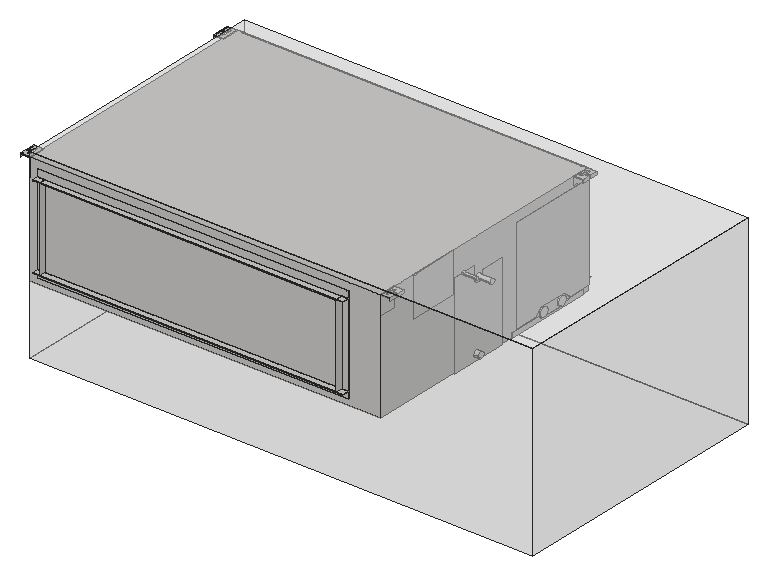
Revit family "outputfile", category 機械設備, Revit 2024
Family settings
  丸型コネクタ寸法 = 半径を使用
  パーツ タイプ = 標準
  OmniClass 番号 = 23.75.10.24.21.27.27
  OmniClass タイトル = Split System Air Conditioning Units
  作業面ベース = いいえ
  常に垂直 = はい
  ロード時にボイドで切り取り = いいえ
  注釈の向きを維持 = いいえ
  共有 = いいえ
  部屋計算ポイント = はい
Parameters (values of type "FXMQ200PVM")
  Description = ""
  製造元 = "Daikin"
  書き出し IFC クラス(タイプ) = "IfcUnitaryEquipmentType"
  定義済み IFC タイプ(タイプ) = "AIRCONDITIONINGUNIT"
  Cost = 0
  モデル = "FXMQ200PVM"
  Type Comments = ""
  Keynote = ""
  Type Image = (empty or 0)
  Assembly Code = ""
  r_Liquid Pipe Size = Liquid Pipe Size / 2  # 4.75 mm
  r_Gas Pipe Size = Gas Pipe Size / 2  # 9.55 mm
  r_Drain Pipe Size = Drain Pipe Size / 2  # 12.5 mm
  lw_power = 10.0 mm  # constant formula
  lh_power = 30.0 mm  # constant formula
  lh_mountinghole1 = lh_mountinghole + [h***]  # 470.0 mm
  ld_power = 145.0 mm  # constant formula
  Voltage_comment_60Hz = "220-230"
  Voltage_comment_50Hz = "220-240"
  Voltage_60Hz = 220 V
  Voltage_50Hz = 230 V
  URL = ""
  Supply Air Direction [instance] = yes
  Sound Power Level_H speed (dB) = 0
  Phase_60Hz = 1
  Phase_50Hz = 1
  Minimum External Static Pressure = 50.00 Pa
  Minimum Circuit Amps_60Hz = 4.9 A
  Minimum Circuit Amps_50Hz = 4.9 A
  Maximum Fuse Amps_60Hz = 15.0 A
  Maximum Fuse Amps_50Hz = 15.0 A
  Maximum External Static Pressure = 250.00 Pa
  Material_Casing = DAIKIN_GalvanizedSteel_Casing_indoorunit
  lw_mountinghole = 1526.0 mm  # constant formula
  lh_gaspipe = 317.0 mm  # constant formula
  lh_mountinghole = 470.0 mm  # constant formula
  lh_liquidpipe = 364.0 mm  # constant formula
  lh_drainpipe = 30.0 mm  # constant formula
  lh_antena = Height - lh_mountinghole + 1.0 mm  # 1.0 mm
  ld_drainpipe = 600.0 mm  # constant formula
  ld_liquidpipe = 666.0 mm  # constant formula
  ld_gaspipe = 585.0 mm  # constant formula
  ld_mountinghole = 1028.0 mm  # constant formula
  h*** = 0.0 mm  # constant formula
  lw_liquidpipe = 65.0 mm  # constant formula
  lw_gaspipe = 65.0 mm  # constant formula
  lw_drainpipe = 29.0 mm  # constant formula
  Width = 1490.0 mm
  Version = "ver.1.0"
  Unit Type = "High Static Pressure Duct Type"
  Unit Mass Weight = 95.00 kg
  Unit Designation [instance] = ""
  Uniclass2015Version = "Products v1.30"
  Uniclass2015Title = "Variable refrigerant flow units"
  Uniclass2015Code = "Pr_70_65_03_94"
  Total Heating Capacity [instance] = 0.000 kW
  Total Cooling Capacity [instance] = 0.000 kW
  Sound Pressure Level_M speed (dBA) = 38
  Sound Pressure Level_L speed (dBA) = 35
  Sound Pressure Level_H speed (dBA) = 42
  Series = "VRV Fan Coil Unit"
  Sensible Cooling Capacity [instance] = 0.000 kW
  SA Duct Size Width = 1260.0 mm
  SA Duct Size Height = 352.0 mm
  Refrigerant Type = "R410A"
  RA Duct Size Width = 1390.0 mm  # constant formula
  RA Duct Size Height = 410.0 mm  # constant formula
  Power Input (Heating) = 0.540 kW
  Power Input (Cooling) = 0.550 kW
  Option Accessory 3 [instance] = ""
  Option Accessory 2 [instance] = ""
  Option Accessory 1 [instance] = ""
  Nominal Heating Capacity = 25.000 kW
  Nominal Cooling Capacity = 22.400 kW
  Minimum Airflow = 3000.00 m³/h
  Median Airflow = 3660.00 m³/h
  Maximum Airflow = 4440.00 m³/h
  Load Classification = HVAC
  Liquid Pipe Size = 9.5 mm
  Link_Nested Family [instance] = ""
  IfcVersion = "0"
  IfcExportType = "AIRCONDITIONINGUNIT"
  IfcExportAs = "IfcUnitaryEquipmentType"
  Height = 470.0 mm
  Heating Entering Wet Bulb Temperature [instance] = 0.00 °C
  Heating Entering Dry Bulb Temperature [instance] = 0.00 °C
  Heating Ambient Wet Bulb Temperature [instance] = 0.00 °C
  Heating Ambient Dry Bulb Temperature [instance] = 0.00 °C
  Heat Exchanger Type = "Cross Fin Coil"
  Gas Pipe Size = 19.1 mm
  Frequency_60Hz = 60 Hz
  Frequency_50Hz = 50 Hz
  Fan Type = "Sirocco Fan"
  Fan Drive = "Direct Drive"
  FCU Tag No. [instance] = ""
  Drain Pipe Size = 25.0 mm
  Design Supply Airflow [instance] = 0.00 m³/h
  Design Return Airflow [instance] = 0.00 m³/h
  Design External Static Pressure [instance] = 0.00 Pa
  Depth = 1100.0 mm
  既定の高さ = 0.0 mm
  Cooling Entering Wet Bulb Temperature [instance] = 0.00 °C
  Cooling Entering Dry Bulb Temperature [instance] = 0.00 °C
  Cooling Ambient Wet Bulb Temperature [instance] = 0.00 °C
  Cooling Ambient Dry Bulb Temperature [instance] = 0.00 °C
  Clearance visibility [instance] = yes
  Clearance Top = 20.0 mm
  Clearance Right = 650.0 mm
  Clearance Rear = 43.0 mm
  Clearance Left = 0.0 mm
  Clearance Front = 0.0 mm
  Clearance Bottom = 300.0 mm
Reference planes
  plane 1 "Center (Front/Back)": y = 0
  plane 2 "h": z = 0
  plane 3 "Center (Left/Right)": x = 0
  plane 4 "Back": y = 550
  plane 5 "Front": y = -550
  plane 6 "Left": x = -745
  plane 7 "Reight": x = 745
  plane 8 "Top": z = 0
  plane 9 "Bottom": z = -470
  plane 10 "lh_mountinghole": z = 0
  plane 11 "ld_mountinghole1": y = 514
  plane 12: y = 593
  plane 13: y = -550
  plane 14: x = -745
  plane 15: x = 1395
  plane 16: z = 20
  plane 17: z = -770
  plane 18 "ld_gaspipe": y = -35
  plane 19 "ld_liquidpipe": y = -116
  plane 20 "lw_liquidpipe": x = 810
  plane 21 "lw_gaspipe": x = 810
  plane 22 "lh_gaspipe": z = -153
  plane 23 "lh_liquidpipe": z = -106
  plane 24 "ld_drainpipe": y = -50
  plane 25 "lw_power": x = 755
  plane 26 "lh_drainpipe": z = -440
  plane 27 "ld_mountinghole2": y = -514
  plane 28: x = -763
  plane 29: y = -583.5
  plane 30 "lh_power": z = -440
  plane 31 "ld_power": y = 405
  plane 32 "lw_drainpipe": x = 774
  plane 33: z = -470
  plane 34: z = -40
  plane 35: z = -140
  plane 36: x = 763
  plane 37 "ld_SA": x = -50
  plane 38 "lh_SA": z = -239.5
  plane 39 "lh_RA": z = -235
Forms (mm)
  Extrusion 1, solid, material "DAIKIN_GalvanizedSteel_Casing_indoorunit" <- "Material_Casing"
    sketch origin (0, 0, 0) x (1, 0, 0) y (0, 1, 0)
      loop
        line (-745, 550) -> (-745, -550) -> (745, -550) -> (745, 550) -> (-745, 550)
    from -470 to 0
  Extrusion 2, solid
    sketch origin (0, 0, 0) x (0, 1, 0) y (0, 0, 1)
      loop
        circle (405, -440) r 18
      loop
        circle (308, -440) r 18
    from 745 to 755
  Extrusion 3, solid
    sketch origin (0, 0, 0) x (0, 1, 0) y (0, 0, 1)
      loop
        circle (-116, -106) r 4.75
    from 745 to 810
  Extrusion 4, solid
    sketch origin (0, 0, 0) x (0, 1, 0) y (0, 0, 1)
      loop
        circle (-35, -153) r 9.55
    from 745 to 810
  Extrusion 5, solid
    sketch origin (0, 0, 0) x (0, 1, 0) y (0, 0, 1)
      loop
        circle (-50, -440) r 12.5
    from 745 to 774
  Extrusion 6, solid, material "DAIKIN_GalvanizedSteel_Casing_indoorunit" <- "Material_Casing"
    sketch origin (0, 0, 0) x (0, 1, 0) y (0, 0, 1)
      loop
        line (-160, -470) -> (90, -470) -> (90, -140) -> (-12, -140) -> (-12, -156)
        arc (-12, -156) -> (-35, -179) -> (-58, -156) r 23
        line (-58, -156) -> (-58, -106) -> (-109, -106)
        arc (-109, -106) -> (-116, -113) -> (-123, -106) r 7
        line (-123, -106) -> (-160, -106) -> (-160, -470)
      loop
        line (550, -40) -> (170, -40) -> (170, -445) -> (270.5, -445) -> (298.5, -417) -> (421.5, -417) -> (449.5, -445) -> (550, -445) -> (550, -40)
      loop
        line (145, -470) -> (520, -470) -> (520, -450) -> (427.5, -450) -> (414.473, -463.027) -> (298.527, -463.027) -> (285.5, -450) -> (145, -450) -> (145, -470)
      loop
        line (-380, 0) -> (-380, -165) -> (-170, -165) -> (-170, 0) -> (-380, 0)
    from 745 to 750
Dimensions and locks
  "Height": plane 8 "Top" to plane 9 "Bottom"
  equal spacing: plane 4 "Back", plane 1 "Center (Front/Back)", plane 5 "Front"
  "Depth": plane 4 "Back" to plane 5 "Front"
  equal spacing: plane 6 "Left", plane 3 "Center (Left/Right)", plane 7 "Reight"
  "Width": plane 6 "Left" to plane 7 "Reight"
  "Clearance Left": plane 14 to plane 6 "Left"
  "Clearance Right": plane 7 "Reight" to plane 15
  "Clearance Rear": plane 12 to plane 4 "Back"
  "Clearance Front": plane 5 "Front" to plane 13
  "Clearance Top": plane 16 to plane 8 "Top"
  "Clearance Bottom": plane 9 "Bottom" to plane 17
  "lh_mountinghole": plane 10 "lh_mountinghole" to plane 9 "Bottom"
  "lh_gaspipe": plane 22 "lh_gaspipe" to plane 9 "Bottom"
  "lh_liquidpipe": plane 23 "lh_liquidpipe" to plane 9 "Bottom"
  "lh_drainpipe": plane 26 "lh_drainpipe" to plane 9 "Bottom"
  equal spacing: plane 27 "ld_mountinghole2", plane 1 "Center (Front/Back)", plane 11 "ld_mountinghole1"
  "ld_mountinghole": plane 27 "ld_mountinghole2" to plane 11 "ld_mountinghole1"
  "lh_power": plane 30 "lh_power" to plane 9 "Bottom"
  "ld_drainpipe": plane 4 "Back" to plane 24 "ld_drainpipe"
  "ld_liquidpipe": plane 4 "Back" to plane 19 "ld_liquidpipe"
  "ld_gaspipe": plane 4 "Back" to plane 18 "ld_gaspipe"
  "ld_power": plane 4 "Back" to plane 31 "ld_power"
  "lw_liquidpipe": plane 7 "Reight" to plane 20 "lw_liquidpipe"
  "lw_gaspipe": plane 7 "Reight" to plane 21 "lw_gaspipe"
  "lw_power": plane 7 "Reight" to plane 25 "lw_power"
  "lw_drainpipe": plane 7 "Reight" to plane 32 "lw_drainpipe"
  locked: plane 9 "Bottom" to plane 33
  plane 34 to plane 33 = 430.0 mm
  locked: plane 35 to plane 33 at 330
  equal spacing: plane 28, plane 3 "Center (Left/Right)", plane 36
  "lw_mountinghole": plane 28 to plane 36
  locked: plane 37 "ld_SA" to plane 6 "Left" at 695
  locked: plane 8 "Top" to plane 38 "lh_SA" at 239.5
  locked: plane 8 "Top" to plane 39 "lh_RA" at 235
  radius of Extrusion 2 sketch curve = 18.0 mm
  "r_Liquid Pipe Size": radius of Extrusion 3 sketch curve
  "r_Gas Pipe Size": radius of Extrusion 4 sketch curve
  "r_Drain Pipe Size": radius of Extrusion 5 sketch curve
  aligned and locked: level to plane 2 "h"
  aligned and locked: plane 8 "Top" to Extrusion 1
  aligned and locked: Extrusion 1 to plane 9 "Bottom"
  aligned and locked: plane 3 "Center (Left/Right)" to nested 1
  aligned and locked: plane 1 "Center (Front/Back)" to nested 1
  aligned and locked: plane 11 "ld_mountinghole1" to nested 4
  aligned and locked: plane 28 to nested 4
  aligned and locked: nested 3 to plane 27 "ld_mountinghole2"
  aligned and locked: plane 28 to nested 3
  aligned and locked: nested 2 to plane 27 "ld_mountinghole2"
  aligned and locked: plane 11 "ld_mountinghole1" to nested 5
  aligned and locked: Extrusion 1 to plane 6 "Left"
  aligned and locked: Extrusion 2 to plane 7 "Reight"
  aligned and locked: plane 23 "lh_liquidpipe" to Extrusion 3 sketch curve
  aligned and locked: plane 19 "ld_liquidpipe" to Extrusion 3 sketch curve
  aligned and locked: Extrusion 3 to plane 7 "Reight"
  aligned and locked: plane 20 "lw_liquidpipe" to Extrusion 3
  aligned and locked: plane 22 "lh_gaspipe" to Extrusion 4 sketch curve
  aligned and locked: plane 18 "ld_gaspipe" to Extrusion 4 sketch curve
  aligned and locked: Extrusion 4 to plane 7 "Reight"
  aligned and locked: plane 21 "lw_gaspipe" to Extrusion 4
  aligned and locked: plane 25 "lw_power" to Extrusion 2
  aligned and locked: plane 30 "lh_power" to Extrusion 2 sketch curve
  aligned and locked: plane 31 "ld_power" to Extrusion 2 sketch curve
  aligned and locked: plane 26 "lh_drainpipe" to Extrusion 5 sketch curve
  aligned and locked: Extrusion 5 sketch curve to plane 24 "ld_drainpipe"
  aligned and locked: Extrusion 5 to plane 7 "Reight"
  aligned and locked: plane 32 "lw_drainpipe" to Extrusion 5
  aligned and locked: Extrusion 6 sketch curve to plane 9 "Bottom"
  aligned and locked: Extrusion 6 to plane 7 "Reight"
  aligned and locked: Extrusion 6 sketch curve to plane 33
  aligned and locked: plane 34 to Extrusion 6 sketch curve
  aligned and locked: Extrusion 6 sketch curve to plane 23 "lh_liquidpipe"  (x2)
  aligned and locked: plane 35 to Extrusion 6 sketch curve
  aligned and locked: plane 7 "Reight" to nested 6
  aligned and locked: plane 30 "lh_power" to nested 6
  aligned and locked: nested 6 to plane 24 "ld_drainpipe"
  aligned and locked: plane 7 "Reight" to nested 7
  aligned and locked: plane 18 "ld_gaspipe" to nested 7
  aligned and locked: plane 22 "lh_gaspipe" to nested 7
  aligned and locked: plane 7 "Reight" to nested 8
  aligned and locked: plane 19 "ld_liquidpipe" to nested 8
  aligned and locked: plane 23 "lh_liquidpipe" to nested 8
  aligned and locked: nested 5 to plane 36
  aligned and locked: nested 2 to plane 36
  aligned and locked: plane 7 "Reight" to nested 9
  aligned and locked: plane 31 "ld_power" to nested 9
  aligned and locked: plane 30 "lh_power" to nested 9
  aligned and locked: plane 12 to nested 10
  aligned and locked: plane 14 to nested 10
  aligned and locked: nested 10 to plane 13
  aligned and locked: plane 15 to nested 10
  aligned and locked: plane 16 to nested 10
  aligned and locked: plane 17 to nested 10
  aligned and locked: nested 11 to plane 27 "ld_mountinghole2"
  aligned and locked: plane 7 "Reight" to nested 11
  aligned and locked: plane 10 "lh_mountinghole" to nested 11
  aligned and locked: plane 27 "ld_mountinghole2" to nested 12
  aligned and locked: nested 12 to plane 6 "Left"
  aligned and locked: nested 12 to plane 10 "lh_mountinghole"
  aligned and locked: plane 11 "ld_mountinghole1" to nested 13
  aligned and locked: nested 13 to plane 7 "Reight"
  aligned and locked: plane 10 "lh_mountinghole" to nested 13
  aligned and locked: nested 14 to plane 11 "ld_mountinghole1"
  aligned and locked: nested 14 to plane 6 "Left"
  aligned and locked: nested 14 to plane 10 "lh_mountinghole"
  aligned and locked: plane 10 "lh_mountinghole" to Extrusion 6 sketch curve
  aligned and locked: plane 38 "lh_SA" to nested 15
  aligned and locked: nested 15 to plane 37 "ld_SA"
  aligned and locked: nested 15 to plane 5 "Front"
  aligned and locked: nested 16 to plane 3 "Center (Left/Right)"
  aligned and locked: nested 16 to plane 39 "lh_RA"
  aligned and locked: nested 16 to plane 4 "Back"
  aligned and locked: nested 17 to plane 5 "Front"
  aligned and locked: plane 37 "ld_SA" to nested 17
  aligned and locked: plane 38 "lh_SA" to nested 17
  aligned and locked: nested 18 to plane 4 "Back"
  aligned and locked: nested 18 to plane 3 "Center (Left/Right)"
  aligned and locked: plane 39 "lh_RA" to nested 18
  aligned and locked: level to plane 8 "Top"
Automatic sketch dimensions
  plane 6 "Left" to Extrusion 1 sketch curve = 0.0 mm
  Extrusion 1 sketch curve to plane 7 "Reight" = 0.0 mm
  Extrusion 1 sketch curve to plane 4 "Back" = 0.0 mm
  Extrusion 1 sketch curve to plane 5 "Front" = 0.0 mm
  Extrusion 2 sketch curve to Extrusion 2 sketch curve = 97.0 mm
  Extrusion 6 sketch curve to plane 19 "ld_liquidpipe" = 0.0 mm
  Extrusion 6 sketch curve to plane 18 "ld_gaspipe" = 0.0 mm
  Extrusion 6 sketch curve to plane 4 "Back" = 0.0 mm
  Extrusion 6 sketch curve to Extrusion 6 sketch curve = 7.0 mm
  Extrusion 6 sketch curve to plane 19 "ld_liquidpipe" = 44.0 mm
  Extrusion 6 sketch curve to plane 22 "lh_gaspipe" = 12.0 mm
  Extrusion 6 sketch curve to plane 19 "ld_liquidpipe" = 54.0 mm
  plane 27 "ld_mountinghole2" to Extrusion 6 sketch curve = 134.0 mm
  Extrusion 6 sketch curve to plane 22 "lh_gaspipe" = 3.0 mm
  Extrusion 6 sketch curve to plane 24 "ld_drainpipe" = 8.0 mm
  Extrusion 6 sketch curve to plane 1 "Center (Front/Back)" = 90.0 mm
  Extrusion 6 sketch curve to Extrusion 6 sketch curve = 55.0 mm
  Extrusion 6 sketch curve to Extrusion 6 sketch curve = 80.0 mm
  Extrusion 6 sketch curve to Extrusion 6 sketch curve = 100.5 mm
  Extrusion 6 sketch curve to Extrusion 6 sketch curve = 15.0 mm
  Extrusion 6 sketch curve to Extrusion 6 sketch curve = 13.0 mm
  plane 9 "Bottom" to Extrusion 6 sketch curve = 6.973 mm
  Extrusion 6 sketch curve to Extrusion 6 sketch curve = 13.027 mm  (x2)
  plane 31 "ld_power" to Extrusion 6 sketch curve = 9.473 mm
  plane 31 "ld_power" to Extrusion 6 sketch curve = 16.5 mm
  Extrusion 6 sketch curve to Extrusion 6 sketch curve = 22.0 mm
  Extrusion 6 sketch curve to plane 11 "ld_mountinghole1" = 6.0 mm
  Extrusion 2 sketch curve to plane 26 "lh_drainpipe" = 0.0 mm
  Extrusion 6 sketch curve to plane 26 "lh_drainpipe" = 10.0 mm  (x2)
  Extrusion 6 sketch curve to plane 26 "lh_drainpipe" = 5.0 mm  (x2)
  plane 26 "lh_drainpipe" to Extrusion 6 sketch curve = 23.0 mm
  radius of Extrusion 2 sketch curve = 18.0 mm
Nested families
  nested 1: "daikin_△_symbolicline" at (0, 0, 470), built-in parameter 1001364 <- "Height", visible <- "Supply Air Direction", type "daikin_△_symbolicline"
    with length 400.0 mm
  nested 2: "daikin_mountinghole" at (763, -514, -470), l_antenna <- "lh_antena", Link_Nested Family <- "Link_Nested Family", h_mountinghole <- "lh_mountinghole1", type "daikin_mountinghole"
    with show yes, l_antenna 1.0 mm, h_mountinghole 470.0 mm, Link_Nested Family ""
  nested 3: "daikin_mountinghole" at (-763, -514, -470), l_antenna <- "lh_antena", Link_Nested Family <- "Link_Nested Family", h_mountinghole <- "lh_mountinghole1", type "daikin_mountinghole"
    with show yes, l_antenna 1.0 mm, h_mountinghole 470.0 mm, Link_Nested Family ""
  nested 4: "daikin_mountinghole" at (-763, 514, -470), h_mountinghole <- "lh_mountinghole1", l_antenna <- "lh_antena", Link_Nested Family <- "Link_Nested Family", type "daikin_mountinghole"
    with show yes, l_antenna 1.0 mm, h_mountinghole 470.0 mm, Link_Nested Family ""
  nested 5: "daikin_mountinghole" at (763, 514, -470), l_antenna <- "lh_antena", Link_Nested Family <- "Link_Nested Family", h_mountinghole <- "lh_mountinghole1", type "daikin_mountinghole"
    with show yes, l_antenna 1.0 mm, h_mountinghole 470.0 mm, Link_Nested Family ""
  nested 6: "daikin_connector_rotate2" at (745, -50, -440) x (0, 1, 0) z (0, 0, 1), length <- "lw_drainpipe", radius <- "r_Drain Pipe Size", type "daikin_connector_rotate2"
    with radius 12.5 mm, length 29.0 mm, angle_vertical 90.00°, show_face no
  nested 7: "daikin_connector_rotate2" at (745, -35, -153) x (0, 1, 0) z (0, 0, 1), length <- "lw_gaspipe", radius <- "r_Gas Pipe Size", type "daikin_connector_rotate2"
    with radius 9.55 mm, length 65.0 mm, angle_vertical 90.00°, show_face no
  nested 8: "daikin_connector_rotate2" at (745, -116, -106) x (0, 1, 0) z (0, 0, 1), length <- "lw_liquidpipe", radius <- "r_Liquid Pipe Size", type "daikin_connector_rotate2"
    with radius 4.75 mm, length 65.0 mm, angle_vertical 90.00°, show_face no
  nested 9: "daikin_connector_rotate2" at (745, 405, -440) x (0, 1, 0) z (0, 0, 1), length <- "lw_power", type "daikin_connector_rotate2"
    with radius 18.0 mm, length 10.0 mm, angle_vertical 90.00°, show_face no
  nested 10: "daikin_clearancespace" at (325, 21.5, -374.881), visible <- "Clearance visibility", show <- "Clearance visibility", Link_Nested Family <- "Link_Nested Family", type "daikin_clearancespace"
    with width 2140.0 mm, show yes, height 790.0 mm, depth 1143.0 mm, Link_Nested Family ""
  nested 11: "daikin_hangerfixture_FXMQ-PVM" at (745, -514, 0), type "daikin_hangerfixture_FXMQ-PVM"
  nested 12: "daikin_hangerfixture_FXMQ-PVM" at (-745, -514, 0) x (-1, 0, 0) z (0, 0, 1), type "daikin_hangerfixture_FXMQ-PVM"
  nested 13: "daikin_hangerfixture_FXMQ-PVM1" at (745, 514, 0), type "daikin_hangerfixture_FXMQ-PVM1"
  nested 14: "daikin_hangerfixture_FXMQ-PVM1" at (-745, 514, 0) x (-1, 0, 0) z (0, 0, 1), type "daikin_hangerfixture_FXMQ-PVM1"
  nested 15: "daikin_ductflange_FXMQ-PVM" at (-50, -550, -445.5), material <- "Material_Casing", type "daikin_ductflange_FXMQ-PVM"
    with width 1320.0 mm, material DAIKIN_GalvanizedSteel_Casing_indoorunit, height 412.0 mm, depth 30.0 mm
  nested 16: "daikin_ductflange_FXMQ-PVM" at (0, 550, -470), material <- "Material_Casing", type "daikin_ductflange_FXMQ-PVM"
    with width 1450.0 mm, material DAIKIN_GalvanizedSteel_Casing_indoorunit, height 470.0 mm, depth 43.0 mm
  nested 17: "daikin_connector_rotate2" at (-50, -550, -239.5), type "daikin_connector_rotate2"
    with radius 10.0 mm, length 30.0 mm, angle_vertical 90.00°, show_face no
  nested 18: "daikin_connector_rotate2" at (0, 550, -235), type "daikin_connector_rotate2"
    with radius 10.0 mm, length 43.0 mm, angle_vertical 90.00°, show_face no
Connectors
  piping at (774, -50, -440), diameter 25, driven by "r_Drain Pipe Size"
    settings: on nested 6, index 5, connector inside diameter 609.6 mm, connector length 0.0 mm, flow factor 0, pipe flow 0.00 m³/h, pressure drop 0.0 Pa, fitting loss kfactor 0, connector angle 0.00°, fixture units 0, engagement length 0.0 mm, angle of deflection 0.00°, flow configuration 1, flow direction 2, fitting loss method 4, system type 16, joint type 0, gender type 0, connector reference index -1, connector utility 0, adjustable connector no, is connector primary yes, connector description "Condensate Drain Piping"
  piping at (810, -35, -153), diameter 19.1, driven by "r_Gas Pipe Size"
    settings: on nested 7, index 6, connector inside diameter 609.6 mm, connector length 0.0 mm, flow factor 0, pipe flow 0.00 m³/h, pressure drop 0.0 Pa, fitting loss kfactor 0, connector angle 0.00°, fixture units 0, engagement length 0.0 mm, angle of deflection 0.00°, flow configuration 1, flow direction 2, fitting loss method 0, system type 29, joint type 0, gender type 0, connector reference index -1, connector utility 0, adjustable connector no, is connector primary no, connector description "Refrigerant Gas Piping"
  piping at (810, -116, -106), diameter 9.5, driven by "r_Liquid Pipe Size"
    settings: on nested 8, index 7, connector inside diameter 609.6 mm, connector length 0.0 mm, flow factor 0, pipe flow 0.00 m³/h, pressure drop 0.0 Pa, fitting loss kfactor 0, connector angle 0.00°, fixture units 0, engagement length 0.0 mm, angle of deflection 0.00°, flow configuration 1, flow direction 1, fitting loss method 0, system type 29, joint type 0, gender type 0, connector reference index -1, connector utility 0, adjustable connector no, is connector primary no, connector description "Refrigerant Liquid Piping"
  electrical at (755, 405, -440), driven by "Load Classification"
    settings: on nested 9, index 8, voltage 0 V, apparent load 0 VA, apparent load phase1 0 VA, apparent load phase2 0 VA, apparent load phase3 0 VA, power factor 1, load classification "HVAC", number of poles 1, system type 30, power factor state 1, is connector primary yes, connector utility no, sub classification motor no, connector description "Power Supply"
  hvac at (-50, -580, -239.5), driven by "SA Duct Size Height", driven by "SA Duct Size Width"
    settings: on nested 17, index 9, duct flow 0.00 m³/h, flow factor 0, pres drop 0.00 Pa, loss coef 0, conn angle 0.00°, conn width 1260.0 mm, conn height 352.0 mm, conn diameter 609.6 mm, duct sys type 1, conn prof type 1, flow config 0, flow direction 2, loss method 4, conn ref index -1, conn util no, is conn primary yes, conn desc "SA Duct"
  hvac at (0, 593, -235), driven by "RA Duct Size Height", driven by "RA Duct Size Width"
    settings: on nested 18, index 10, duct flow 0.00 m³/h, flow factor 0, pres drop 0.00 Pa, loss coef 0, conn angle 0.00°, conn width 1390.0 mm, conn height 410.0 mm, conn diameter 609.6 mm, duct sys type 2, conn prof type 1, flow config 0, flow direction 1, loss method 4, conn ref index -1, conn util no, is conn primary no, conn desc "RA Duct"
Definition of nested family "daikin_clearancespace"
  Parameters (values of type "daikin_clearancespace")
    width [instance] = 1823.963 mm
    show [instance] = yes
    material = none
    height [instance] = 1359.762 mm
    depth [instance] = 880.0 mm
    Default Elevation = 0.0 mm
    Link_Nested Family [instance] = ""
  Reference planes
    plane 1 "Center (Front/Back)": y = 0
    plane 2 "Center (Elevation)": z = -0.119
    plane 3 "Center (Left/Right)": x = 0
    plane 4: y = 440
    plane 5: y = -440
    plane 6 "Right": x = 911.982
    plane 7 "Left": x = -911.982
    plane 8 "Top": z = 679.762
    plane 9 "Bottom": z = -680
  Forms (mm)
    Extrusion 1, solid, material <- "material", visible <- "show"
      sketch origin (0, 0, 0) x (1, 0, 0) y (0, 1, 0)
        loop
          line (-911.982, 440) -> (-911.982, -440) -> (911.982, -440) -> (911.982, 440) -> (-911.982, 440)
      from -680 to 679.762
  Lines and regions (mm)
    symbolic lines, visible <- "show"
      curve 1: line (911.982, 440, 0) -> (-911.982, 440, 0)
      curve 2: line (-911.982, 440, 0) -> (-911.982, -440, 0)
      curve 3: line (-911.982, -440, 0) -> (911.982, -440, 0)
      curve 4: line (911.982, -440, 0) -> (911.982, 440, 0)
      curve 5: line (911.982, 0, 679.762) -> (-911.982, 0, 679.762)
      curve 6: line (911.982, 0, -680) -> (911.982, 0, 679.762)
      curve 7: line (-911.982, 0, -680) -> (911.982, 0, -680)
      curve 8: line (-911.982, 0, 679.762) -> (-911.982, 0, -680)
      curve 9: line (0, 440, 679.762) -> (0, -440, 679.762)
      curve 10: line (0, -440, 679.762) -> (0, -440, -680)
      curve 11: line (0, 440, -680) -> (0, 440, 679.762)
      curve 12: line (0, -440, -680) -> (0, 440, -680)
  Dimensions and locks
    "width": plane 7 "Left" to plane 6 "Right"
    "depth": plane 4 to plane 5
    "height": plane 8 "Top" to plane 9 "Bottom"
    equal spacing: plane 7 "Left", plane 3 "Center (Left/Right)", plane 6 "Right"
    equal spacing: plane 4, plane 1 "Center (Front/Back)", plane 5
    equal spacing: plane 8 "Top", plane 2 "Center (Elevation)", plane 9 "Bottom"
    aligned and locked: level to plane 2 "Center (Elevation)"
    aligned and locked: Extrusion 1 sketch curve to plane 4
    aligned and locked: plane 7 "Left" to Extrusion 1 sketch curve
    aligned and locked: Extrusion 1 sketch curve to plane 5
    aligned and locked: Extrusion 1 sketch curve to plane 6 "Right"
    aligned and locked: plane 8 "Top" to Extrusion 1
    aligned and locked: curve 1 to Extrusion 1
    aligned and locked: curve 2 to Extrusion 1
    aligned and locked: curve 3 to Extrusion 1
    aligned and locked: curve 4 to Extrusion 1
    aligned and locked: curve 5 to Extrusion 1
    aligned and locked: curve 6 to Extrusion 1
    aligned and locked: curve 7 to Extrusion 1
    aligned and locked: curve 8 to Extrusion 1
    aligned and locked: curve 9 to Extrusion 1
    aligned and locked: curve 10 to Extrusion 1
    aligned and locked: curve 11 to Extrusion 1
    aligned and locked: curve 12 to Extrusion 1
    aligned and locked: Extrusion 1 to plane 9 "Bottom"
Definition of nested family "daikin_hangerfixture_FXMQ-PVM"
  Parameters (values of type "daikin_hangerfixture_FXMQ-PV1A")
    width = 41.0 mm
    material = none
    height = 80.0 mm
    depth = 72.0 mm
    Default Elevation = 0.0 mm
  Reference planes
    plane 1 "Center (Front/Back)": y = 0
    plane 2: z = 0
    plane 3 "Center (Left/Right)": x = 0
    plane 4: y = 417.146
    plane 5: z = -2
    plane 6: z = -65
    plane 7: z = -12
    plane 8: x = 41
    plane 9: y = 36
    plane 10: y = -36
    plane 11: z = -80
    plane 12: x = 1.5
    plane 13: x = 39
  Forms (mm)
    Extrusion 1, solid, material <- "material"
      sketch origin (0, 0, 0) x (1, 0, 0) y (0, 1, 0)
        loop
          line (0, 36) -> (0, -36) -> (41, -36) -> (41, -5.025) -> (24, -5.025) -> (24, -15.3)
          arc (24, -15.3) -> (18, -21.3) -> (12, -15.3) r 6
          line (12, -15.3) -> (12, 15.3)
          arc (12, 15.3) -> (18, 21.3) -> (24, 15.3) r 6
          line (24, 15.3) -> (24, 5) -> (41, 5) -> (41, 36) -> (0, 36)
      from -2 to 0
    Extrusion 2, solid, material <- "material"
      sketch origin (0, 0, 0) x (0, 1, 0) y (0, 0, 1)
        loop
          line (36, -75.411) -> (36, 0) -> (-36, 0) -> (-36, -75.411)
          arc (-36, -75.411) -> (-34.656, -78.656) -> (-31.411, -80) r 4.589
          line (-31.411, -80) -> (31.411, -80)
          arc (31.411, -80) -> (34.656, -78.656) -> (36, -75.411) r 4.589
      from 0 to 1.5
    Extrusion 3, solid, material <- "material"
      sketch origin (0, 0, 0) x (0, 1, 0) y (0, 0, 1)
        loop
          line (-5.025, -9.007) -> (-5.025, 0) -> (-36, 0) -> (-36, -9.007)
          arc (-36, -9.007) -> (-35.123, -11.123) -> (-33.007, -12) r 2.993
          line (-33.007, -12) -> (-8.018, -12)
          arc (-8.018, -12) -> (-5.902, -11.123) -> (-5.025, -9.007) r 2.993
        loop
          arc (5, -9.007) -> (5.877, -11.123) -> (7.993, -12) r 2.993
          line (7.993, -12) -> (33.007, -12)
          arc (33.007, -12) -> (35.123, -11.123) -> (36, -9.007) r 2.993
          line (36, -9.007) -> (36, 0) -> (5, 0) -> (5, -9.007)
      from 41 to 39
  Cuts and joins
    joined: Extrusion 1, Extrusion 2, Extrusion 3
  Dimensions and locks
    "width": plane 3 "Center (Left/Right)" to plane 8
    "depth": plane 10 to plane 9
    equal spacing: plane 10, plane 1 "Center (Front/Back)", plane 9
    "height": level to plane 11
    locked: plane 12 to plane 3 "Center (Left/Right)" at 1.5
    locked: plane 2 to plane 5 at 2
    locked: plane 8 to plane 13 at 2
    aligned and locked: level to plane 2
    aligned and locked: level to Extrusion 1
    aligned and locked: Extrusion 1 to plane 5
    aligned and locked: Extrusion 1 sketch curve to plane 3 "Center (Left/Right)"
    aligned and locked: level to Extrusion 2 sketch curve
    aligned and locked: plane 12 to Extrusion 2
    aligned and locked: Extrusion 3 sketch curve to level
    aligned and locked: level to Extrusion 3 sketch curve
    aligned and locked: plane 9 to Extrusion 1 sketch curve
    aligned and locked: Extrusion 1 sketch curve to plane 10
    aligned and locked: plane 11 to Extrusion 2 sketch curve
    aligned and locked: plane 8 to cut or joined group of Extrusion 1, Extrusion 2, Extrusion 3
    aligned and locked: cut or joined group of Extrusion 1, Extrusion 2, Extrusion 3 to plane 13
  Automatic sketch dimensions
    plane 9 to Extrusion 2 sketch curve = 4.589 mm
    Extrusion 2 sketch curve to plane 10 = 4.589 mm
    Extrusion 2 sketch curve to Extrusion 2 sketch curve = 4.589 mm
    Extrusion 2 sketch curve to plane 9 = 0.0 mm
    plane 10 to Extrusion 3 sketch curve = 0.0 mm
    Extrusion 3 sketch curve to plane 7 = 0.0 mm  (x2)
    Extrusion 3 sketch curve to plane 10 = 2.993 mm
    plane 7 to Extrusion 3 sketch curve = 2.993 mm  (x2)
    plane 1 "Center (Front/Back)" to Extrusion 3 sketch curve = 8.018 mm
    Extrusion 3 sketch curve to plane 1 "Center (Front/Back)" = 5.0 mm
    plane 9 to Extrusion 3 sketch curve = 2.993 mm
    Extrusion 3 sketch curve to plane 9 = 0.0 mm
    Extrusion 1 sketch curve to plane 8 = 0.0 mm  (x2)
    plane 1 "Center (Front/Back)" to Extrusion 1 sketch curve = 15.3 mm
    plane 1 "Center (Front/Back)" to Extrusion 1 sketch curve = 5.025 mm
    Extrusion 1 sketch curve to plane 1 "Center (Front/Back)" = 5.0 mm
    Extrusion 1 sketch curve to Extrusion 1 sketch curve = 10.3 mm
    Extrusion 1 sketch curve to Extrusion 1 sketch curve = 6.0 mm  (x2)
    plane 12 to Extrusion 1 sketch curve = 10.5 mm
Definition of nested family "daikin_hangerfixture_FXMQ-PVM1"
  Parameters (values of type "daikin_hangerfixture_FXMQ-PV1A2")
    width = 41.0 mm
    material = none
    height = 40.0 mm
    depth = 72.0 mm
    Default Elevation = 0.0 mm
  Reference planes
    plane 1 "Center (Front/Back)": y = 0
    plane 2: z = 0
    plane 3 "Center (Left/Right)": x = 0
    plane 4: y = 417.146
    plane 5: z = -2
    plane 6: z = -65
    plane 7: z = -12
    plane 8: x = 41
    plane 9: y = 36
    plane 10: y = -36
    plane 11: z = -40
    plane 12: x = 1.5
    plane 13: x = 39
  Forms (mm)
    Extrusion 1, solid, material <- "material"
      sketch origin (0, 0, 0) x (1, 0, 0) y (0, 1, 0)
        loop
          line (0, 36) -> (0, -36) -> (41, -36) -> (41, -5.025) -> (24, -5.025) -> (24, -15.3)
          arc (24, -15.3) -> (18, -21.3) -> (12, -15.3) r 6
          line (12, -15.3) -> (12, 15.3)
          arc (12, 15.3) -> (18, 21.3) -> (24, 15.3) r 6
          line (24, 15.3) -> (24, 5) -> (41, 5) -> (41, 36) -> (0, 36)
      from -2 to 0
    Extrusion 2, solid, material <- "material"
      sketch origin (0, 0, 0) x (0, 1, 0) y (0, 0, 1)
        loop
          line (36, -31.5) -> (36, 0) -> (-36, 0) -> (-36, -31.5)
          arc (-36, -31.5) -> (-35.414, -32.914) -> (-34, -33.5) r 2
          line (-34, -33.5) -> (-20.5, -33.5)
          arc (-20.5, -33.5) -> (-19.086, -34.086) -> (-18.5, -35.5) r 2
          line (-18.5, -35.5) -> (-18.5, -38)
          arc (-18.5, -38) -> (-17.914, -39.414) -> (-16.5, -40) r 2
          line (-16.5, -40) -> (16.5, -40)
          arc (16.5, -40) -> (17.914, -39.414) -> (18.5, -38) r 2
          line (18.5, -38) -> (18.5, -35.5)
          arc (18.5, -35.5) -> (19.086, -34.086) -> (20.5, -33.5) r 2
          line (20.5, -33.5) -> (34, -33.5)
          arc (34, -33.5) -> (35.414, -32.914) -> (36, -31.5) r 2
      from 0 to 1.5
    Extrusion 3, solid, material <- "material"
      sketch origin (0, 0, 0) x (0, 1, 0) y (0, 0, 1)
        loop
          line (-5.025, -9.007) -> (-5.025, 0) -> (-36, 0) -> (-36, -9.007)
          arc (-36, -9.007) -> (-35.123, -11.123) -> (-33.007, -12) r 2.993
          line (-33.007, -12) -> (-8.018, -12)
          arc (-8.018, -12) -> (-5.902, -11.123) -> (-5.025, -9.007) r 2.993
        loop
          arc (5, -9.007) -> (5.877, -11.123) -> (7.993, -12) r 2.993
          line (7.993, -12) -> (33.007, -12)
          arc (33.007, -12) -> (35.123, -11.123) -> (36, -9.007) r 2.993
          line (36, -9.007) -> (36, 0) -> (5, 0) -> (5, -9.007)
      from 41 to 39
  Cuts and joins
    joined: Extrusion 1, Extrusion 2, Extrusion 3
  Dimensions and locks
    "width": plane 3 "Center (Left/Right)" to plane 8
    "depth": plane 10 to plane 9
    equal spacing: plane 10, plane 1 "Center (Front/Back)", plane 9
    "height": level to plane 11
    locked: plane 12 to plane 3 "Center (Left/Right)" at 1.5
    locked: plane 2 to plane 5 at 2
    locked: plane 8 to plane 13 at 2
    aligned and locked: level to plane 2
    aligned and locked: level to Extrusion 1
    aligned and locked: Extrusion 1 to plane 5
    aligned and locked: Extrusion 1 sketch curve to plane 3 "Center (Left/Right)"
    aligned and locked: level to Extrusion 2 sketch curve
    aligned and locked: plane 12 to Extrusion 2
    aligned and locked: Extrusion 3 sketch curve to level
    aligned and locked: level to Extrusion 3 sketch curve
    aligned and locked: plane 9 to Extrusion 1 sketch curve
    aligned and locked: Extrusion 1 sketch curve to plane 10
    aligned and locked: plane 8 to cut or joined group of Extrusion 1, Extrusion 2, Extrusion 3
    aligned and locked: cut or joined group of Extrusion 1, Extrusion 2, Extrusion 3 to plane 13
  Automatic sketch dimensions
    plane 10 to Extrusion 3 sketch curve = 0.0 mm
    Extrusion 3 sketch curve to plane 7 = 0.0 mm  (x2)
    Extrusion 3 sketch curve to plane 10 = 2.993 mm
    plane 7 to Extrusion 3 sketch curve = 2.993 mm  (x2)
    plane 1 "Center (Front/Back)" to Extrusion 3 sketch curve = 8.018 mm
    Extrusion 3 sketch curve to plane 1 "Center (Front/Back)" = 5.0 mm
    plane 9 to Extrusion 3 sketch curve = 2.993 mm
    Extrusion 3 sketch curve to plane 9 = 0.0 mm
    Extrusion 1 sketch curve to plane 8 = 0.0 mm  (x2)
    plane 1 "Center (Front/Back)" to Extrusion 1 sketch curve = 15.3 mm
    plane 1 "Center (Front/Back)" to Extrusion 1 sketch curve = 5.025 mm
    Extrusion 1 sketch curve to plane 1 "Center (Front/Back)" = 5.0 mm
    Extrusion 1 sketch curve to Extrusion 1 sketch curve = 10.3 mm
    Extrusion 1 sketch curve to Extrusion 1 sketch curve = 6.0 mm  (x2)
    plane 12 to Extrusion 1 sketch curve = 10.5 mm
    Extrusion 2 sketch curve to plane 10 = 0.0 mm
    Extrusion 2 sketch curve to plane 11 = 0.0 mm
    Extrusion 2 sketch curve to plane 9 = 0.0 mm
    Extrusion 2 sketch curve to plane 10 = 2.0 mm
    plane 11 to Extrusion 2 sketch curve = 4.5 mm
    Extrusion 2 sketch curve to Extrusion 2 sketch curve = 13.5 mm
    Extrusion 2 sketch curve to Extrusion 2 sketch curve = 2.0 mm  (x3)
    plane 11 to Extrusion 2 sketch curve = 2.0 mm
    Extrusion 2 sketch curve to plane 1 "Center (Front/Back)" = 16.5 mm
    plane 9 to Extrusion 2 sketch curve = 2.0 mm
    Extrusion 2 sketch curve to Extrusion 2 sketch curve = 2.5 mm
Definition of nested family "daikin_ductflange_FXMQ-PVM"
  Parameters (values of type "daikin_ductflange_FXMQ_PVM")
    width [instance] = 1440.0 mm
    material [instance] = none
    height [instance] = 650.657 mm
    depth [instance] = 25.0 mm
    Default Elevation = 0.0 mm
  Reference planes
    plane 1 "Center (Front/Back)": y = 0
    plane 2: z = 0
    plane 3 "Center (Left/Right)": x = 0
    plane 4: y = -25
    plane 5: x = -720
    plane 6: x = 720
    plane 7 "Top": z = 650.657
    plane 8: y = -1
    plane 9: x = -690
    plane 10: x = 690
    plane 11: z = 620.657
    plane 12: z = 30
    plane 13 "Center (Elevation)": z = 325.328
  Forms (mm)
    Extrusion 1, solid, material <- "material"
      sketch origin (0, 0, 0) x (1, 0, 0) y (0, 0, 1)
        loop
          line (-720, 650.657) -> (-720, 0) -> (720, 0) -> (720, 650.657) -> (-720, 650.657)
        loop
          line (-690, 620.657) -> (-690, 30) -> (690, 30) -> (690, 620.657) -> (-690, 620.657)
      from 0 to 1
    Extrusion 2, solid, material <- "material"
      sketch origin (0, 0, 0) x (1, 0, 0) y (0, 1, 0)
        loop
          line (-690, -1) -> (-690.996, -1) -> (-690.996, -25) -> (-690, -25) -> (-690, -1)
        loop
          line (690, -1) -> (690, -25) -> (690.996, -25) -> (690.996, -1) -> (690, -1)
      from 30 to 620.657
    Extrusion 3, solid, material <- "material"
      sketch origin (0, 0, 0) x (0, 1, 0) y (0, 0, 1)
        loop
          line (-1, 620.657) -> (-1, 621.615) -> (-25, 621.615) -> (-25, 620.657) -> (-1, 620.657)
        loop
          line (-1, 30) -> (-25, 30) -> (-25, 29.042) -> (-1, 29.042) -> (-1, 30)
      from -720 to 720
  Cuts and joins
    joined: Extrusion 1, Extrusion 2, Extrusion 3
  Dimensions and locks
    "height": plane 7 "Top" to plane 2
    "width": plane 5 to plane 6
    equal spacing: plane 5, plane 3 "Center (Left/Right)", plane 6
    "depth": plane 1 "Center (Front/Back)" to plane 4
    locked: plane 8 to plane 1 "Center (Front/Back)" at 1
    locked: Extrusion 2 sketch curve to Extrusion 2 sketch curve at 0.996  (x2)
    locked: plane 7 "Top" to plane 11 at 30
    locked: plane 12 to plane 2 at 30
    equal spacing: plane 7 "Top", plane 13 "Center (Elevation)", plane 2
    locked: Extrusion 3 sketch curve to Extrusion 2 at 0.958  (x2)
    locked: plane 9 to plane 5 at 30
    locked: plane 6 to plane 10 at 30
    aligned and locked: level to plane 2
    aligned and locked: plane 5 to Extrusion 1 sketch curve
    aligned and locked: Extrusion 1 sketch curve to plane 6
    aligned and locked: plane 2 to Extrusion 1 sketch curve
    aligned and locked: Extrusion 1 to plane 8
    aligned and locked: Extrusion 2 sketch curve to plane 8
    aligned and locked: Extrusion 2 sketch curve to plane 9
    aligned and locked: plane 8 to Extrusion 2 sketch curve
    aligned and locked: Extrusion 2 sketch curve to plane 10
    aligned and locked: plane 11 to Extrusion 2
    aligned and locked: Extrusion 2 to plane 12
    aligned and locked: plane 8 to Extrusion 3 sketch curve
    aligned and locked: Extrusion 3 sketch curve to plane 11
    aligned and locked: Extrusion 3 sketch curve to plane 8
    aligned and locked: Extrusion 3 sketch curve to plane 12
    aligned and locked: Extrusion 3 to plane 5
    aligned and locked: plane 6 to Extrusion 3
    aligned and locked: plane 4 to Extrusion 2 sketch curve
    aligned and locked: Extrusion 2 sketch curve to plane 4
    aligned and locked: plane 4 to Extrusion 3 sketch curve
    aligned and locked: Extrusion 3 sketch curve to plane 4
    aligned and locked: plane 12 to Extrusion 1 sketch curve
    aligned and locked: Extrusion 1 sketch curve to plane 11
  Automatic sketch dimensions
    Extrusion 1 sketch curve to plane 10 = 0.0 mm
    Extrusion 1 sketch curve to plane 9 = 0.0 mm
    Extrusion 1 sketch curve to plane 7 "Top" = 0.0 mm
Definition of nested family "daikin_△_symbolicline"
  Parameters (values of type "daikin_△_symbolicline")
    length [instance] = 200.0 mm
    Default Elevation = 0.0 mm
  Reference planes
    plane 1 "Center (Front/Back)": y = 0
    plane 2: z = 0
    plane 3 "Center (Left/Right)": x = 0
  Lines and regions (mm)
    symbolic lines
      curve 1: line (0, -173.205, 0) -> (100, 0, 0)
      curve 2: line (100, 0, 0) -> (-100, 0, 0)
      curve 3: line (-100, 0, 0) -> (0, -173.205, 0)
  Dimensions and locks
    equal spacing: curve 3, plane 3 "Center (Left/Right)", curve 2
    "length": curve 3 to curve 2
    "length": curve 3 to curve 3
    "length": curve 1 to curve 1
    aligned and locked: level to plane 2
    aligned and locked: curve 2 to plane 1 "Center (Front/Back)"
    aligned and locked: plane 3 "Center (Left/Right)" to curve 3
Definition of nested family "daikin_mountinghole"
  Parameters (values of type "daikin_mountinghole")
    Default Elevation = 1219.2 mm
    Type Comments = "mountinghole"
    show [instance] = yes
    material = none
    l_centerline = 100.0 mm
    l_antenna [instance] = 100.0 mm
    h_mountinghole [instance] = 0.0 mm
    d_circle = 30.0 mm
    Link_Nested Family [instance] = ""
  Reference planes
    plane 1 "Center (Front/Back)": y = 0
    plane 2: z = 0
    plane 3 "Center (Left/Right)": x = 0
    plane 4: y = 50
    plane 5: x = -50
    plane 6: x = 50
    plane 7: y = -50
    plane 8 "h_mountinghole": z = 0
    plane 9: z = 100
  Lines and regions (mm)
    model lines, detail levels fine
      curve 1: circle (0, 0, 0) r 15 normal (0, 0, 1)
      curve 2: line (-50, 0, 0) -> (50, 0, 0)
      curve 3: line (0, 50, 0) -> (0, -50, 0)
    symbolic lines, detail levels fine
      curve 4: circle (0, 0, 0) r 15 normal (0, 0, 1)
      curve 5: line (-50, 0, 0) -> (50, 0, 0)
      curve 6: line (0, 50, 0) -> (0, -50, 0)
    model lines
      curve 7: line (0, 0, 100) -> (0, 0, 0)
  Dimensions and locks
    equal spacing: plane 4, plane 1 "Center (Front/Back)", plane 7
    "l_centerline": plane 4 to plane 7
    equal spacing: plane 5, plane 3 "Center (Left/Right)", plane 6
    "l_centerline": plane 5 to plane 6
    "l_antenna": plane 9 to plane 8 "h_mountinghole"
    "h_mountinghole": plane 8 "h_mountinghole" to plane 2
    "d_circle": diameter of curve 1
    "d_circle": diameter of curve 4
    aligned and locked: level to plane 2
    aligned and locked: plane 1 "Center (Front/Back)" to curve 1
    aligned and locked: plane 3 "Center (Left/Right)" to curve 1
    aligned and locked: plane 1 "Center (Front/Back)" to curve 2
    aligned and locked: curve 3 to plane 3 "Center (Left/Right)"
    aligned and locked: plane 6 to curve 2
    aligned and locked: plane 5 to curve 2
    aligned and locked: plane 4 to curve 3
    aligned and locked: plane 7 to curve 3
    aligned and locked: plane 1 "Center (Front/Back)" to curve 4
    aligned and locked: plane 3 "Center (Left/Right)" to curve 4
    aligned and locked: plane 6 to curve 5
    aligned and locked: plane 5 to curve 5
    aligned and locked: plane 1 "Center (Front/Back)" to curve 5
    aligned and locked: plane 4 to curve 6
    aligned and locked: plane 7 to curve 6
    aligned and locked: curve 6 to plane 3 "Center (Left/Right)"
    aligned and locked: curve 7 to plane 3 "Center (Left/Right)"
    aligned and locked: plane 9 to curve 7
    aligned and locked: plane 8 "h_mountinghole" to curve 7
Definition of nested family "daikin_connector_rotate2"
  Parameters (values of type "daikin_connector_rotate2")
    show_face = yes
    radius [instance] = 10.0 mm
    length [instance] = 600.0 mm
    d_surface = 10.0 mm
    angle_vertical [instance] = 90.00°
    Default Elevation = 0.0 mm
  Reference planes
    plane 1 "Center (Front/Back)": y = 0
    plane 2: z = 0
    plane 3 "Center (Left/Right)": x = 0
  Forms (mm)
    Extrusion 1, solid, visible <- "show_face"
      sketch origin (0, -600, 0) x (1, 0, 0) y (0, 0, 1)
        loop
          circle (0, 0) r 10
      from 0 to -10
  Lines and regions (mm)
    reference lines
      curve 1: line (0, 0, 0) -> (0, -600, 0)
    symbolic lines
      curve 2: circle (0, 0, 0) r 5 normal (0, 0, 1)
    model lines, visible <- "show_face"
      curve 3: line (0, 0, 0) -> (0, -600, 0)
  Dimensions and locks
    "length": curve 1 to curve 1
    "length": curve 3 to curve 3
    "d_surface": Extrusion 1 to Extrusion 1
    "radius": radius of Extrusion 1 sketch curve
    "angle_vertical": angle curve 1 to plane 1 "Center (Front/Back)"
    "angle_vertical": angle curve 3 to plane 1 "Center (Front/Back)"
    aligned and locked: level to plane 2
    aligned and locked: plane 1 "Center (Front/Back)" to curve 1
    aligned and locked: plane 2 to curve 1
    aligned and locked: plane 1 "Center (Front/Back)" to curve 2
    aligned and locked: plane 3 "Center (Left/Right)" to curve 2
    aligned and locked: plane 1 "Center (Front/Back)" to curve 3
    aligned and locked: plane 2 to curve 3
    aligned and locked: Extrusion 1 to Extrusion 1
  Automatic sketch dimensions
    Extrusion 1 sketch curve to level = 0.0 mm
    Extrusion 1 sketch curve to plane 3 "Center (Left/Right)" = 0.0 mm
    radius of curve 2 = 5.0 mm
